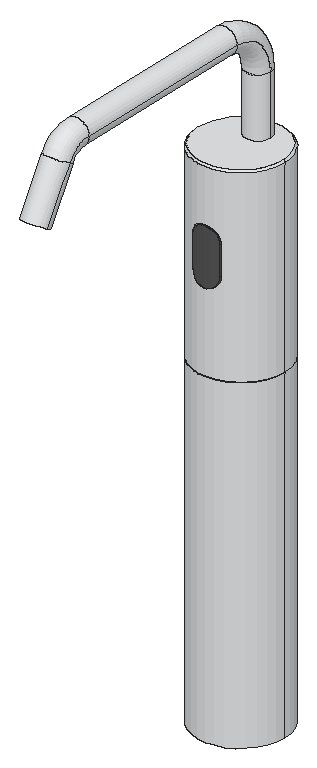
Revit family "DSDR0130-L_revit", category Generic Models, Revit 2017
Family settings
  Can host rebar = No
  Round Connector Dimension = Use Diameter
  Part Type = Normal
  Work Plane-Based = No
  Always vertical = Yes
  Cut with Voids When Loaded = No
  Shared = No
  Room Calculation Point = No
Parameters
  Website = "https://dolphy.in/"  # constant formula
  Material and Finish = Dolphy_CHROME
  Length = 360 mm
  Contact number = "+91 9520202035"  # constant formula
  Contact email = "info@dolphy.in"  # constant formula
  Company name = "Dolphy India"  # constant formula
Reference planes
  plane 1 "Center (Front/Back)": y = 0
  plane 2: z = 0
  plane 3 "Center (Left/Right)": x = 0
  plane 4: z = 250
Forms (mm)
  Extrusion 1, solid, material "Dolphy_CHROME"
    sketch origin (0, 0, 0) x (1, 0, 0) y (0, 1, 0)
      loop
        circle (0, 0) r 17.5
    from 0 to 130
  Sweep 2, void
    path in 3D
      loop
        arc (-17.5, 0, 130) -> (0, 17.5, 130) -> (17.5, 0, 130) r 17.5
        arc (17.5, 0, 130) -> (0, -17.5, 130) -> (-17.5, 0, 130) r 17.5
    profile origin (0, -17.5, 130) x (0, -1, 0) y (0, 0, 1)
      loop
        line (0.273, -0.718) -> (0.589, 0.484) -> (-0.6, 0.484) -> (0.273, -0.718)
  Extrusion 3, solid, material "Dolphy_CHROME"
    sketch origin (0, 0, 130) x (1, 0, 0) y (0, 1, 0)
      loop
        circle (0, 0) r 17.5
    from 0 to 75
  Sweep 4, void
    path in 3D
      loop
        arc (-17.5, -0.038, 204.515) -> (0, 17.462, 204.515) -> (17.5, -0.038, 204.515) r 17.5
        arc (17.5, -0.038, 204.515) -> (0, -17.538, 204.515) -> (-17.5, -0.038, 204.515) r 17.5
    profile origin (0, -17.538, 204.515) x (0, -1, 0) y (0, 0, 1)
      loop
        line (0.273, -0.718) -> (0.589, 0.484) -> (-0.6, 0.484) -> (0.273, -0.718)
  Sweep 5, solid, material "Dolphy_CHROME"
    path origin (0, 0, -5) x (0, 1, 0) y (0, 0, 1)
      loop
        line (8.411, 210) -> (8.411, 233.427)
        arc (8.411, 233.427) -> (3.557, 245.146) -> (-8.162, 250) r 16.573
        line (-8.162, 250) -> (-81.609, 250)
        arc (-81.609, 250) -> (-87.004, 248.554) -> (-90.954, 244.605) r 10.79
        line (-90.954, 244.605) -> (-101.695, 226)
    profile origin (0, 8.411, 216.713) x (0, -1, 0) y (1, 0, 0)
      loop
        circle (0, 0) r 5
      loop
        circle (0, 0) r 3.479
  Extrusion 6, void
    sketch origin (0, 0, 0) x (1, 0, 0) y (0, 0, 1)
      loop
        line (-5.922, 178.159) -> (-5.922, 166.928)
        arc (-5.922, 166.928) -> (-0.132, 161.138) -> (5.659, 166.928) r 5.791
        line (5.659, 166.928) -> (5.659, 178.159)
        arc (5.659, 178.159) -> (-0.132, 183.949) -> (-5.922, 178.159) r 5.791
    from 15.015 to 22.164
  Extrusion 7, solid, material "Dolphy_BLACK"
    sketch origin (0, 0, 0) x (1, 0, 0) y (0, 0, 1)
      loop
        arc (5.359, 178.159) -> (-0.132, 183.649) -> (-5.622, 178.159) r 5.491
        line (-5.622, 178.159) -> (-5.622, 166.928)
        arc (-5.622, 166.928) -> (-0.132, 161.438) -> (5.359, 166.928) r 5.491
        line (5.359, 166.928) -> (5.359, 178.159)
    from 0 to 20.148
  Extrusion 8, void
    sketch origin (0, 0, 0) x (1, 0, 0) y (0, 1, 0)
      loop
        line (14.12, -19.133) -> (10.49, -14.224)
        arc (10.49, -14.224) -> (0.929, -17.703) -> (-8.944, -15.246) r 17.413
        line (-8.944, -15.246) -> (-12.362, -20.314)
        arc (-12.362, -20.314) -> (1.113, -24.969) -> (14.12, -19.133) r 19.353
    from 154.502 to 195.204
Cuts and joins
  Sweep 2, Sweep 4, Extrusion 6, Extrusion 8 cuts Extrusion 1
  Sweep 4, Extrusion 6, Extrusion 8 cuts Extrusion 3
  Extrusion 6, Extrusion 8 cuts Sweep 5
  joined: Extrusion 1, Extrusion 3, Sweep 5
  Extrusion 8 cuts Extrusion 7
Lines and regions (mm)
  sketch lines
    curve 1: arc (17.5, 0, 130) -> (0, -17.5, 130) -> (-17.5, 0, 130) r 17.5
    curve 2: arc (-17.5, 0, 130) -> (0, 17.5, 130) -> (17.5, 0, 130) r 17.5
    curve 3: arc (17.5, -0.038, 204.515) -> (0, -17.538, 204.515) -> (-17.5, -0.038, 204.515) r 17.5
    curve 4: arc (-17.5, -0.038, 204.515) -> (0, 17.462, 204.515) -> (17.5, -0.038, 204.515) r 17.5
Dimensions and locks
  cut or joined group of Extrusion 1, Sweep 2, Extrusion 3, Sweep 4, Sweep 5, Extrusion 6, Extrusion 8 to Sweep 5 sketch curve = 98.427 mm
  Sweep 5 sketch curve to Sweep 5 sketch curve = 110.107 mm
  Sweep 5 sketch curve to level = 221 mm
  plane 4 to level = 250 mm
  aligned and locked: level to plane 2
